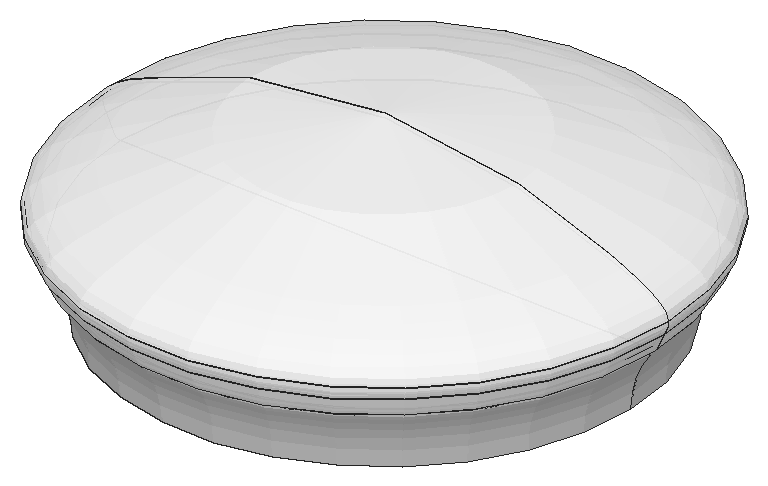
Revit family "0043406", category Lighting Devices, host Face, Revit 2023 (continued)
Definition of nested family "0043406_3000K_13.5W_lightsource"
  Parameters (values of type "START SURFACE IP54 MW 500-2000 830/840 lightsource")
    Description = ""
    Default Elevation = 1219.2 mm
    Cost = 0
    Color Filter = 16777215
    built-in parameter 1114216 [instance] = (empty or 0)
    built-in parameter 1114218 = 1 (stored number, unit not read)
    built-in parameter 1150133 = 10 (stored number, unit not read)
    Assembly Code = "D5020200"
    Apparent Load = 0 VA
  Reference planes
    plane 1 "Center (Front/Back)": y = 0
    plane 2: z = 0
    plane 3 "Center (Left/Right)": x = 0
  Forms (mm)
    Extrusion 1, solid
      sketch origin (4.2, 0, 0) x (1, 0, 0) y (0, 1, 0)
        loop
          line (-1219.2, 1219.2) -> (-1219.2, -1219.2) -> (1219.2, -1219.2) -> (1219.2, 1219.2) -> (-1219.2, 1219.2)
      from 0 to -68.017
  Dimensions and locks
    aligned and locked: plane 2 to Extrusion 1
    aligned and locked: level to Extrusion 1
Definition of nested family "0043406_3000K_17.5W_lightsource"
  Parameters (values of type "START SURFACE IP54 MW 500-2000 830/840 lightsource")
    Wattage Comments = "n/a"
    Wattage = 17.5 W
    built-in parameter 1150110 = 1 (stored number, unit not read)
    URL = "http://www.sylvania-lighting.com"
    Type Image = (empty or 0)
    Type Comments = "n/a"
    built-in parameter 1114217 = 1 (stored number, unit not read)
    Tilt Angle = -90.00°
    built-in parameter 1150109 = 1 (stored number, unit not read)
    built-in parameter 1150134 = (empty or 0)
    built-in parameter 1150113 = 1 (stored number, unit not read)
    Photometric Web File = "0043406_3000K_17.5W.IES"
    built-in parameter 1150142 = "IESNA:LM-63-2002\r\n[TEST] 20231108001M-01\r\n[TESTLAB] \r\n[TESTDATE] 8 Nov 2023\r\n[ISSUEDATE] 8 Nov 2023\r\n[MANUFAC] SYLVANIA\r\n[LUMCAT] 0043406\r\n[LUMINAIRE] START Surface IP44 Multip MW 2000lm 830 840-3000K 1µµ\r\n[FLASHAREA] 0.017100\r\n[LAMPCAT] LED\r\n[LAMP] LED\r\nTILT=NONE\r\n1 1870.00 1.0 181 3 1 2 -0.300 -0.300 0.000\r\n1.00 1.00 17.50\r\n0.00 1.00 2.00 3.00 4.00 5.00 6.00 7.00 8.00 9.00 10.00 \r\n11.00 12.00 13.00 14.00 15.00 16.00 17.00 18.00 19.00 \r\n20.00 21.00 22.00 23.00 24.00 25.00 26.00 27.00 28.00 \r\n29.00 30.00 31.00 32.00 33.00 34.00 35.00 36.00 37.00 \r\n38.00 39.00 40.00 41.00 42.00 43.00 44.00 45.00 46.00 \r\n47.00 48.00 49.00 50.00 51.00 52.00 53.00 54.00 55.00 \r\n56.00 57.00 58.00 59.00 60.00 61.00 62.00 63.00 64.00 \r\n65.00 66.00 67.00 68.00 69.00 70.00 71.00 72.00 73.00 \r\n74.00 75.00 76.00 77.00 78.00 79.00 80.00 81.00 82.00 \r\n83.00 84.00 85.00 86.00 87.00 88.00 89.00 90.00 91.00 \r\n92.00 93.00 94.00 95.00 96.00 97.00 98.00 99.00 100.00 \r\n101.00 102.00 103.00 104.00 105.00 106.00 107.00 108.00 \r\n109.00 110.00 111.00 112.00 113.00 114.00 115.00 116.00 \r\n117.00 118.00 119.00 120.00 121.00 122.00 123.00 124.00 \r\n125.00 126.00 127.00 128.00 129.00 130.00 131.00 132.00 \r\n133.00 134.00 135.00 136.00 137.00 138.00 139.00 140.00 \r\n141.00 142.00 143.00 144.00 145.00 146.00 147.00 148.00 \r\n149.00 150.00 151.00 152.00 153.00 154.00 155.00 156.00 \r\n157.00 158.00 159.00 160.00 161.00 162.00 163.00 164.00 \r\n165.00 166.00 167.00 168.00 169.00 170.00 171.00 172.00 \r\n173.00 174.00 175.00 176.00 177.00 178.00 179.00 180.00 \r\n0.00 45.00 90.00 \r\n500.04 500.04 499.85 499.66 499.29 498.54 497.79 497.05 \r\n495.92 494.80 493.31 491.81 490.13 488.26 486.39 484.33 \r\n481.90 479.66 477.04 474.23 471.43 468.44 465.26 461.89 \r\n458.52 454.78 451.04 447.12 443.19 439.08 434.59 430.10 \r\n425.43 420.94 415.89 411.03 405.98 400.74 395.50 390.08 \r\n384.47 378.86 373.06 367.27 361.28 355.30 349.13 342.96 \r\n336.60 330.06 323.51 316.97 310.23 303.50 296.77 289.66 \r\n282.74 275.82 268.72 261.61 254.51 247.40 240.30 233.19 \r\n226.08 218.98 212.06 204.95 198.22 191.30 184.61 177.95 \r\n171.46 165.16 158.78 152.61 146.55 140.62 134.86 129.12 \r\n123.66 118.31 113.17 108.05 103.19 98.44 93.89 89.54 \r\n85.29 81.21 77.27 73.45 69.86 66.52 63.30 60.31 57.35 \r\n54.66 52.10 49.72 47.54 45.46 43.50 41.74 40.15 38.73 \r\n37.40 36.24 35.17 34.18 33.29 32.50 31.75 31.08 30.44 \r\n29.83 29.25 28.69 28.16 27.64 27.13 26.65 26.14 25.66 \r\n25.15 24.65 24.16 23.64 23.13 22.59 22.08 21.58 21.11 \r\n20.68 20.27 19.86 19.43 18.94 18.52 18.07 17.62 17.19 \r\n16.76 16.19 15.59 15.00 14.32 13.67 13.05 12.48 11.94 \r\n11.59 11.39 11.34 11.61 11.77 11.87 11.95 11.90 11.81 \r\n11.90 12.07 12.23 12.22 12.12 11.70 10.78 9.29 7.40 5.54 \r\n4.73 4.52 4.73 5.11 5.38 5.49 6.56 7.50 8.33 8.69 8.87 \r\n500.04 500.04 499.85 499.66 499.29 498.73 497.98 497.05 \r\n496.11 494.99 493.68 492.18 490.50 488.63 486.76 484.70 \r\n482.27 480.03 477.41 474.79 471.80 468.81 465.63 462.45 \r\n458.90 455.35 451.61 447.68 443.75 439.45 435.34 430.85 \r\n426.36 421.69 416.64 411.77 406.73 401.49 396.25 390.83 \r\n385.41 379.80 374.19 368.20 362.22 356.24 350.06 343.89 \r\n337.54 331.18 324.63 318.09 311.36 304.62 297.70 290.79 \r\n283.87 276.76 269.84 262.74 255.63 248.34 241.42 234.31 \r\n227.02 219.91 212.99 206.07 199.16 192.24 185.52 178.90 \r\n172.40 165.93 159.59 153.38 147.36 141.48 135.74 130.08 \r\n124.54 119.25 113.98 109.02 104.14 99.54 94.88 90.53 \r\n86.26 82.22 78.43 74.63 71.08 67.62 64.40 61.39 58.47 \r\n55.73 53.11 50.66 48.36 46.34 44.38 42.58 40.90 39.36 \r\n37.98 36.76 35.70 34.74 33.87 33.14 32.46 31.92 31.43 \r\n31.04 30.72 30.42 30.13 29.68 29.23 28.70 28.14 27.51 \r\n26.80 26.01 25.25 24.53 23.84 23.15 22.50 21.79 21.00 \r\n20.01 18.94 17.87 16.80 15.76 14.77 13.78 12.86 12.00 \r\n11.28 10.64 10.06 9.48 8.87 8.40 8.04 8.05 8.21 8.38 8.63 \r\n9.02 9.39 9.77 10.29 10.49 10.37 10.05 9.74 9.20 8.69 \r\n8.30 7.77 7.33 6.31 6.00 5.68 5.37 5.07 4.76 4.44 4.83 \r\n5.05 5.17 5.72 6.41 7.82 9.21 9.50 \r\n500.04 500.04 499.85 499.66 499.29 498.54 497.79 497.05 \r\n495.92 494.80 493.49 492.00 490.31 488.44 486.57 484.52 \r\n482.09 479.84 477.22 474.61 471.61 468.62 465.44 462.08 \r\n458.71 455.16 451.42 447.49 443.56 439.45 435.15 430.66 \r\n425.99 421.31 416.45 411.59 406.54 401.30 396.07 390.46 \r\n385.03 379.42 373.81 368.02 362.03 356.05 349.88 343.52 \r\n337.16 330.62 324.26 317.53 310.98 304.25 297.33 290.41 \r\n283.49 276.39 269.47 262.36 255.07 247.96 240.86 233.75 \r\n226.64 219.54 212.43 205.51 198.59 191.86 185.00 178.38 \r\n171.85 165.42 159.19 152.97 146.93 140.98 135.22 129.52 \r\n124.06 118.78 113.60 108.53 103.64 98.96 94.40 90.04 \r\n85.81 81.79 77.83 74.00 70.54 67.21 64.05 61.02 58.03 \r\n55.26 52.75 50.38 48.17 46.10 44.11 42.36 40.77 39.31 \r\n38.00 36.80 35.77 34.78 33.85 33.17 32.59 32.07 31.62 \r\n31.19 30.87 30.52 30.18 29.90 29.62 29.36 29.06 28.84 \r\n28.59 28.39 28.16 27.96 27.75 27.56 27.30 26.95 26.46 \r\n25.88 25.23 24.50 23.64 22.78 21.88 20.94 20.03 19.15 \r\n18.40 17.79 17.27 16.76 16.24 15.75 15.28 14.85 14.33 \r\n13.86 13.37 12.81 12.17 11.56 10.92 10.31 9.68 8.80 8.15 \r\n7.46 6.47 5.42 4.52 3.81 3.92 4.76 5.60 5.88 5.40 4.18 \r\n3.95 3.95 3.96 4.09 5.19 6.18 7.78 9.67 10.16 \r\n"
    Model = "START SURFACE IP54 MW 500-2000 830/840 lightsource"
    Manufacturer = "Feilo Sylvania"
    built-in parameter 1150105 = 533.47 (stored number, unit not read)
    Lumens = 1995 lm
    built-in parameter 1150115 = 1 (stored number, unit not read)
    built-in parameter 1150137 = (empty or 0)
    built-in parameter 1150139 = (empty or 0)
    built-in parameter 1150112 = 1 (stored number, unit not read)
    built-in parameter 1150114 = 1 (stored number, unit not read)
    Lamp = "LED"
    Keynote = "16500"
    built-in parameter 1150132 = (empty or 0)
    built-in parameter 1150102 = 114
    built-in parameter 1150107 = 3000 (stored number, unit not read)
    built-in parameter 1150138 = (empty or 0)
    built-in parameter 1150106 = 5.3347 (stored number, unit not read)
    Emit from Circle Diameter = 300 mm  # constant formula
    Emit Shape Visible in Rendering = no
    built-in parameter 1150104 = 10.591 (stored number, unit not read)
    Dimming Lamp Color Temperature Shift = (empty or 0)
    Description = ""
    Default Elevation = 1219.2 mm
    Cost = 0
    Color Filter = 16777215
    built-in parameter 1114216 [instance] = (empty or 0)
    built-in parameter 1114218 = 1 (stored number, unit not read)
    built-in parameter 1150133 = 10 (stored number, unit not read)
    Assembly Code = "D5020200"
    Apparent Load = 0 VA
  Reference planes
    plane 1 "Center (Front/Back)": y = 0
    plane 2: z = 0
    plane 3 "Center (Left/Right)": x = 0
  Forms (mm)
    Extrusion 1, solid
      sketch origin (4.2, 0, 0) x (1, 0, 0) y (0, 1, 0)
        loop
          line (-1219.2, 1219.2) -> (-1219.2, -1219.2) -> (1219.2, -1219.2) -> (1219.2, 1219.2) -> (-1219.2, 1219.2)
      from 0 to -68.017
  Dimensions and locks
    aligned and locked: plane 2 to Extrusion 1
    aligned and locked: level to Extrusion 1
Definition of nested family "0043406_4000K_6W_lightsource"
  Parameters (values of type "START SURFACE IP54 MW 500-2000 830/840 lightsource")
    Wattage Comments = "n/a"
    Wattage = 6 W
    built-in parameter 1150110 = 1 (stored number, unit not read)
    URL = "http://www.sylvania-lighting.com"
    Type Image = (empty or 0)
    Type Comments = "n/a"
    built-in parameter 1114217 = 1 (stored number, unit not read)
    Tilt Angle = -90.00°
    built-in parameter 1150109 = 1 (stored number, unit not read)
    built-in parameter 1150134 = 12
    built-in parameter 1150113 = 1 (stored number, unit not read)
    Photometric Web File = "0043406_4000K_6W.IES"
    built-in parameter 1150142 = "IESNA:LM-63-2002\r\n[TEST] 20231108001M-01\r\n[TESTLAB] \r\n[TESTDATE] 8 Nov 2023\r\n[ISSUEDATE] 8 Nov 2023\r\n[MANUFAC] SYLVANIA\r\n[LUMCAT] 0043406\r\n[LUMINAIRE] START Surface IP44 Multip MW 2000lm 830 840-4000K 4µµ\r\n[FLASHAREA] 0.017100\r\n[LAMPCAT] LED\r\n[LAMP] LED\r\nTILT=NONE\r\n1 500.00 1.0 181 3 1 2 -0.300 -0.300 0.000\r\n1.00 1.00 6.00\r\n0.00 1.00 2.00 3.00 4.00 5.00 6.00 7.00 8.00 9.00 10.00 \r\n11.00 12.00 13.00 14.00 15.00 16.00 17.00 18.00 19.00 \r\n20.00 21.00 22.00 23.00 24.00 25.00 26.00 27.00 28.00 \r\n29.00 30.00 31.00 32.00 33.00 34.00 35.00 36.00 37.00 \r\n38.00 39.00 40.00 41.00 42.00 43.00 44.00 45.00 46.00 \r\n47.00 48.00 49.00 50.00 51.00 52.00 53.00 54.00 55.00 \r\n56.00 57.00 58.00 59.00 60.00 61.00 62.00 63.00 64.00 \r\n65.00 66.00 67.00 68.00 69.00 70.00 71.00 72.00 73.00 \r\n74.00 75.00 76.00 77.00 78.00 79.00 80.00 81.00 82.00 \r\n83.00 84.00 85.00 86.00 87.00 88.00 89.00 90.00 91.00 \r\n92.00 93.00 94.00 95.00 96.00 97.00 98.00 99.00 100.00 \r\n101.00 102.00 103.00 104.00 105.00 106.00 107.00 108.00 \r\n109.00 110.00 111.00 112.00 113.00 114.00 115.00 116.00 \r\n117.00 118.00 119.00 120.00 121.00 122.00 123.00 124.00 \r\n125.00 126.00 127.00 128.00 129.00 130.00 131.00 132.00 \r\n133.00 134.00 135.00 136.00 137.00 138.00 139.00 140.00 \r\n141.00 142.00 143.00 144.00 145.00 146.00 147.00 148.00 \r\n149.00 150.00 151.00 152.00 153.00 154.00 155.00 156.00 \r\n157.00 158.00 159.00 160.00 161.00 162.00 163.00 164.00 \r\n165.00 166.00 167.00 168.00 169.00 170.00 171.00 172.00 \r\n173.00 174.00 175.00 176.00 177.00 178.00 179.00 180.00 \r\n0.00 45.00 90.00 \r\n135.25 135.25 135.15 135.05 134.85 134.65 134.40 134.15 \r\n133.75 133.40 132.95 132.55 132.05 131.50 130.90 130.30 \r\n129.60 128.95 128.20 127.40 126.60 125.75 124.80 123.90 \r\n122.95 121.90 120.95 119.90 118.75 117.60 116.40 115.15 \r\n113.90 112.60 111.30 109.90 108.50 107.10 105.65 104.10 \r\n102.65 101.15 99.50 98.00 96.30 94.70 93.05 91.25 89.60 \r\n87.75 86.05 84.25 82.45 80.60 78.75 76.85 75.00 73.10 \r\n71.15 69.25 67.35 65.40 63.50 61.55 59.70 57.80 55.90 \r\n54.05 52.20 50.40 48.56 46.85 45.09 43.43 41.73 40.06 \r\n38.52 36.92 35.40 33.91 32.46 31.04 29.66 28.35 27.07 \r\n25.84 24.64 23.50 22.38 21.28 20.21 19.20 18.20 17.30 \r\n16.45 15.68 14.91 14.22 13.55 12.95 12.34 11.81 11.31 \r\n10.86 10.46 10.08 9.73 9.44 9.17 8.94 8.71 8.50 8.32 8.15 \r\n8.00 7.83 7.68 7.53 7.38 7.25 7.11 6.97 6.85 6.71 6.58 \r\n6.45 6.32 6.17 6.03 5.87 5.74 5.58 5.46 5.34 5.24 5.13 \r\n5.02 4.90 4.77 4.64 4.54 4.42 4.32 4.18 4.02 3.85 3.66 \r\n3.49 3.32 3.15 2.99 2.89 2.84 2.83 2.84 2.88 2.92 2.94 \r\n2.95 2.96 2.98 2.99 2.92 2.85 2.78 2.71 2.64 2.27 1.74 \r\n1.31 1.13 1.11 1.15 1.26 1.36 1.39 1.65 1.89 2.11 2.20 \r\n2.20 \r\n135.25 135.25 135.20 135.10 135.00 134.80 134.55 134.30 \r\n134.00 133.65 133.30 132.90 132.45 131.90 131.35 130.75 \r\n130.10 129.45 128.75 128.00 127.20 126.40 125.55 124.65 \r\n123.65 122.60 121.60 120.55 119.45 118.30 117.10 115.90 \r\n114.65 113.35 112.05 110.70 109.35 107.95 106.55 105.05 \r\n103.60 102.05 100.50 98.90 97.30 95.70 94.00 92.30 90.60 \r\n88.85 87.10 85.30 83.50 81.70 79.90 78.00 76.10 74.25 \r\n72.30 70.40 68.45 66.50 64.65 62.70 60.80 58.85 56.95 \r\n55.10 53.20 51.35 49.52 47.76 45.98 44.26 42.57 40.89 \r\n39.27 37.69 36.14 34.60 33.12 31.70 30.30 28.93 27.64 \r\n26.41 25.17 24.00 22.87 21.80 20.79 19.79 18.82 17.91 \r\n17.05 16.22 15.43 14.68 13.97 13.32 12.71 12.14 11.62 \r\n11.13 10.68 10.28 9.89 9.56 9.27 9.02 8.78 8.58 8.39 8.27 \r\n8.13 8.02 7.93 7.83 7.76 7.64 7.51 7.38 7.21 7.04 6.83 \r\n6.63 6.41 6.22 6.05 5.87 5.69 5.50 5.29 5.08 4.79 4.49 \r\n4.22 3.91 3.62 3.33 3.08 2.84 2.64 2.48 2.33 2.20 2.05 \r\n1.94 1.94 1.93 1.97 2.04 2.11 2.25 2.36 2.48 2.54 2.55 \r\n2.49 2.37 2.29 2.13 2.01 1.93 1.82 1.73 1.47 1.41 1.35 \r\n1.29 1.23 1.17 1.11 1.22 1.30 1.33 1.49 1.68 2.11 2.37 \r\n2.37 \r\n135.25 135.25 135.30 135.25 135.15 135.00 134.80 134.60 \r\n134.30 134.00 133.65 133.25 132.75 132.30 131.75 131.20 \r\n130.55 129.90 129.20 128.50 127.70 126.90 126.05 125.15 \r\n124.25 123.25 122.25 121.25 120.20 119.05 117.85 116.65 \r\n115.40 114.15 112.80 111.45 110.10 108.70 107.25 105.80 \r\n104.30 102.75 101.20 99.60 98.00 96.35 94.65 93.00 91.25 \r\n89.50 87.75 85.95 84.10 82.30 80.45 78.60 76.65 74.80 \r\n72.85 70.95 69.00 67.05 65.15 63.20 61.30 59.35 57.45 \r\n55.55 53.70 51.85 49.99 48.22 46.43 44.70 42.99 41.29 \r\n39.67 38.08 36.53 34.97 33.50 32.05 30.64 29.27 27.97 \r\n26.71 25.45 24.27 23.13 22.04 20.95 19.93 18.89 17.98 \r\n17.11 16.28 15.49 14.74 14.03 13.40 12.80 12.24 11.72 \r\n11.23 10.79 10.39 10.03 9.70 9.41 9.14 8.90 8.71 8.54 \r\n8.41 8.29 8.16 8.10 7.99 7.89 7.82 7.74 7.66 7.57 7.50 \r\n7.43 7.38 7.32 7.23 7.20 7.12 7.06 6.95 6.81 6.65 6.46 \r\n6.24 6.01 5.79 5.54 5.29 5.05 4.83 4.64 4.50 4.36 4.22 \r\n4.09 3.95 3.82 3.70 3.59 3.47 3.33 3.18 3.01 2.86 2.70 \r\n2.57 2.37 2.10 1.90 1.70 1.43 1.17 0.97 0.82 0.82 1.04 \r\n1.28 1.36 1.30 0.97 1.06 1.15 1.24 1.33 1.42 1.52 1.95 \r\n2.42 2.50 \r\n"
    Model = "START SURFACE IP54 MW 500-2000 830/840 lightsource"
    Manufacturer = "Feilo Sylvania"
    built-in parameter 1150105 = 185.09 (stored number, unit not read)
    Lumens = 684 lm
    built-in parameter 1150115 = 1 (stored number, unit not read)
    built-in parameter 1150137 = (empty or 0)
    built-in parameter 1150139 = (empty or 0)
    built-in parameter 1150112 = 1 (stored number, unit not read)
    built-in parameter 1150114 = 1 (stored number, unit not read)
    Lamp = "LED"
    Keynote = "16500"
    built-in parameter 1150132 = (empty or 0)
    built-in parameter 1150102 = 114
    built-in parameter 1150107 = 4000 (stored number, unit not read)
    built-in parameter 1150138 = (empty or 0)
    built-in parameter 1150106 = 1.8509 (stored number, unit not read)
    Emit from Circle Diameter = 300 mm  # constant formula
    Emit Shape Visible in Rendering = no
    built-in parameter 1150104 = 10.591 (stored number, unit not read)
    Dimming Lamp Color Temperature Shift = (empty or 0)
    Description = ""
    Default Elevation = 1219.2 mm
    Cost = 0
    Color Filter = 16777215
    built-in parameter 1114216 [instance] = (empty or 0)
    built-in parameter 1114218 = 1 (stored number, unit not read)
    built-in parameter 1150133 = 10 (stored number, unit not read)
    Assembly Code = "D5020200"
    Apparent Load = 0 VA
  Reference planes
    plane 1 "Center (Front/Back)": y = 0
    plane 2: z = 0
    plane 3 "Center (Left/Right)": x = 0
  Forms (mm)
    Extrusion 1, solid
      sketch origin (4.2, 0, 0) x (1, 0, 0) y (0, 1, 0)
        loop
          line (-1219.2, 1219.2) -> (-1219.2, -1219.2) -> (1219.2, -1219.2) -> (1219.2, 1219.2) -> (-1219.2, 1219.2)
      from 0 to -68.017
  Dimensions and locks
    aligned and locked: plane 2 to Extrusion 1
    aligned and locked: level to Extrusion 1
Definition of nested family "0043406_4000K_9.3W_lightsource"
  Parameters (values of type "START SURFACE IP54 MW 500-2000 830/840 lightsource")
    Wattage Comments = "n/a"
    Wattage = 9.3 W
    built-in parameter 1150110 = 1 (stored number, unit not read)
    URL = "http://www.sylvania-lighting.com"
    Type Image = (empty or 0)
    Type Comments = "n/a"
    built-in parameter 1114217 = 1 (stored number, unit not read)
    Tilt Angle = -90.00°
    built-in parameter 1150109 = 1 (stored number, unit not read)
    built-in parameter 1150134 = 12
    built-in parameter 1150113 = 1 (stored number, unit not read)
    Photometric Web File = "0043406_4000K_9.3W.IES"
    built-in parameter 1150142 = "IESNA:LM-63-2002\r\n[TEST] 20231108001M-01\r\n[TESTLAB] \r\n[TESTDATE] 8 Nov 2023\r\n[ISSUEDATE] 8 Nov 2023\r\n[MANUFAC] SYLVANIA\r\n[LUMCAT] 0043406\r\n[LUMINAIRE] START Surface IP44 Multip MW 2000lm 830 840-4000K 3µµ\r\n[FLASHAREA] 0.017100\r\n[LAMPCAT] LED\r\n[LAMP] LED\r\nTILT=NONE\r\n1 1000.00 1.0 181 3 1 2 -0.300 -0.300 0.000\r\n1.00 1.00 9.30\r\n0.00 1.00 2.00 3.00 4.00 5.00 6.00 7.00 8.00 9.00 10.00 \r\n11.00 12.00 13.00 14.00 15.00 16.00 17.00 18.00 19.00 \r\n20.00 21.00 22.00 23.00 24.00 25.00 26.00 27.00 28.00 \r\n29.00 30.00 31.00 32.00 33.00 34.00 35.00 36.00 37.00 \r\n38.00 39.00 40.00 41.00 42.00 43.00 44.00 45.00 46.00 \r\n47.00 48.00 49.00 50.00 51.00 52.00 53.00 54.00 55.00 \r\n56.00 57.00 58.00 59.00 60.00 61.00 62.00 63.00 64.00 \r\n65.00 66.00 67.00 68.00 69.00 70.00 71.00 72.00 73.00 \r\n74.00 75.00 76.00 77.00 78.00 79.00 80.00 81.00 82.00 \r\n83.00 84.00 85.00 86.00 87.00 88.00 89.00 90.00 91.00 \r\n92.00 93.00 94.00 95.00 96.00 97.00 98.00 99.00 100.00 \r\n101.00 102.00 103.00 104.00 105.00 106.00 107.00 108.00 \r\n109.00 110.00 111.00 112.00 113.00 114.00 115.00 116.00 \r\n117.00 118.00 119.00 120.00 121.00 122.00 123.00 124.00 \r\n125.00 126.00 127.00 128.00 129.00 130.00 131.00 132.00 \r\n133.00 134.00 135.00 136.00 137.00 138.00 139.00 140.00 \r\n141.00 142.00 143.00 144.00 145.00 146.00 147.00 148.00 \r\n149.00 150.00 151.00 152.00 153.00 154.00 155.00 156.00 \r\n157.00 158.00 159.00 160.00 161.00 162.00 163.00 164.00 \r\n165.00 166.00 167.00 168.00 169.00 170.00 171.00 172.00 \r\n173.00 174.00 175.00 176.00 177.00 178.00 179.00 180.00 \r\n0.00 45.00 90.00 \r\n268.80 268.80 268.70 268.50 268.20 267.90 267.40 266.90 \r\n266.30 265.60 264.80 263.90 263.00 262.00 261.00 259.80 \r\n258.50 257.20 255.80 254.30 252.70 251.00 249.30 247.50 \r\n245.60 243.60 241.60 239.50 237.30 235.00 232.60 230.20 \r\n227.70 225.20 222.50 219.80 217.00 214.30 211.40 208.40 \r\n205.50 202.40 199.30 196.20 192.90 189.70 186.40 183.00 \r\n179.50 176.00 172.50 168.90 165.30 161.70 157.90 154.30 \r\n150.40 146.70 142.80 139.10 135.20 131.40 127.50 123.70 \r\n119.90 116.10 112.40 108.70 105.00 101.40 97.76 94.26 \r\n90.80 87.39 83.98 80.73 77.54 74.32 71.29 68.22 65.27 \r\n62.40 59.70 56.97 54.42 51.98 49.59 47.25 45.06 42.81 \r\n40.72 38.67 36.81 35.00 33.35 31.75 30.26 28.81 27.49 \r\n26.26 25.08 24.01 22.98 22.00 21.18 20.42 19.73 19.12 \r\n18.60 18.12 17.68 17.28 16.90 16.55 16.22 15.91 15.59 \r\n15.32 15.03 14.78 14.51 14.24 13.99 13.73 13.47 13.21 \r\n12.93 12.65 12.37 12.07 11.81 11.53 11.26 11.05 10.84 \r\n10.60 10.37 10.13 9.89 9.65 9.40 9.17 8.94 8.65 8.34 7.99 \r\n7.65 7.27 6.93 6.61 6.32 6.13 6.01 5.99 6.09 6.13 6.17 \r\n6.21 6.25 6.29 6.33 6.37 6.43 6.43 6.44 6.19 5.67 4.83 \r\n3.72 2.82 2.41 2.33 2.41 2.59 2.71 2.77 3.31 3.84 4.33 \r\n4.52 4.59 \r\n268.80 268.80 268.70 268.60 268.30 268.00 267.60 267.20 \r\n266.60 265.90 265.20 264.40 263.50 262.40 261.40 260.20 \r\n259.00 257.70 256.30 254.90 253.30 251.80 250.00 248.30 \r\n246.40 244.40 242.40 240.30 238.10 235.80 233.50 231.20 \r\n228.60 226.20 223.50 220.90 218.20 215.40 212.50 209.60 \r\n206.60 203.50 200.40 197.30 194.10 190.90 187.50 184.20 \r\n180.70 177.40 173.80 170.30 166.60 163.10 159.40 155.60 \r\n151.90 148.10 144.30 140.50 136.60 132.80 129.00 125.20 \r\n121.30 117.40 113.70 110.00 106.30 102.60 98.91 95.36 \r\n91.85 88.38 85.03 81.68 78.45 75.31 72.28 69.28 66.31 \r\n63.49 60.67 58.00 55.38 52.90 50.43 48.12 45.86 43.69 \r\n41.69 39.69 37.80 35.97 34.24 32.60 31.01 29.53 28.15 \r\n26.84 25.62 24.59 23.56 22.63 21.71 20.92 20.19 19.54 \r\n18.95 18.42 17.96 17.58 17.22 16.94 16.68 16.47 16.31 \r\n16.17 15.99 15.79 15.53 15.26 14.97 14.62 14.25 13.84 \r\n13.44 13.04 12.68 12.31 11.94 11.57 11.17 10.71 10.14 \r\n9.56 8.98 8.44 7.87 7.32 6.81 6.33 5.93 5.58 5.27 4.94 \r\n4.61 4.37 4.22 4.23 4.31 4.39 4.53 4.73 4.95 5.15 5.43 \r\n5.47 5.40 5.24 5.08 4.80 4.51 4.32 4.01 3.75 3.22 2.54 \r\n2.49 2.44 2.39 2.34 2.29 2.47 2.56 2.64 2.90 3.28 4.07 \r\n4.86 4.95 \r\n268.80 268.80 268.80 268.70 268.50 268.20 267.80 267.30 \r\n266.70 266.10 265.30 264.60 263.70 262.70 261.70 260.60 \r\n259.40 258.10 256.70 255.20 253.60 252.00 250.30 248.60 \r\n246.70 244.80 242.80 240.70 238.60 236.30 234.00 231.60 \r\n229.10 226.60 223.90 221.30 218.50 215.80 212.90 210.00 \r\n207.00 204.00 200.90 197.80 194.70 191.40 188.10 184.70 \r\n181.30 177.80 174.30 170.80 167.10 163.50 159.80 156.10 \r\n152.30 148.50 144.70 140.90 137.10 133.20 129.30 125.60 \r\n121.70 117.90 114.00 110.30 106.60 103.00 99.30 95.69 \r\n92.26 88.79 85.43 82.08 78.85 75.60 72.51 69.44 66.50 \r\n63.63 60.87 58.18 55.55 53.06 50.61 48.24 46.00 43.80 \r\n41.71 39.63 37.73 35.94 34.22 32.61 31.05 29.63 28.24 \r\n26.96 25.76 24.65 23.62 22.60 21.71 20.94 20.23 19.58 \r\n19.02 18.54 18.06 17.69 17.36 17.08 16.84 16.62 16.46 \r\n16.27 16.07 15.93 15.79 15.65 15.49 15.36 15.23 15.13 \r\n15.00 14.89 14.79 14.69 14.55 14.37 14.10 13.83 13.47 \r\n13.06 12.61 12.15 11.66 11.18 10.68 10.22 9.81 9.46 9.18 \r\n8.92 8.65 8.39 8.12 7.89 7.62 7.38 7.11 6.82 6.47 6.13 \r\n5.80 5.45 5.13 4.64 4.28 3.90 3.39 2.83 2.33 1.96 1.94 \r\n2.40 2.84 3.00 2.80 2.16 2.25 2.34 2.44 2.53 2.63 3.17 \r\n4.01 5.05 5.33 \r\n"
    Model = "START SURFACE IP54 MW 500-2000 830/840 lightsource"
    Manufacturer = "Feilo Sylvania"
    built-in parameter 1150105 = 284.98 (stored number, unit not read)
    Lumens = 1060.2 lm
    built-in parameter 1150115 = 1 (stored number, unit not read)
    built-in parameter 1150137 = (empty or 0)
    built-in parameter 1150139 = (empty or 0)
    built-in parameter 1150112 = 1 (stored number, unit not read)
    built-in parameter 1150114 = 1 (stored number, unit not read)
    Lamp = "LED"
    Keynote = "16500"
    built-in parameter 1150132 = (empty or 0)
    built-in parameter 1150102 = 114
    built-in parameter 1150107 = 4000 (stored number, unit not read)
    built-in parameter 1150138 = (empty or 0)
    built-in parameter 1150106 = 2.8498 (stored number, unit not read)
    Emit from Circle Diameter = 300 mm  # constant formula
    Emit Shape Visible in Rendering = no
    built-in parameter 1150104 = 10.591 (stored number, unit not read)
    Dimming Lamp Color Temperature Shift = (empty or 0)
    Description = ""
    Default Elevation = 1219.2 mm
    Cost = 0
    Color Filter = 16777215
    built-in parameter 1114216 [instance] = (empty or 0)
    built-in parameter 1114218 = 1 (stored number, unit not read)
    built-in parameter 1150133 = 10 (stored number, unit not read)
    Assembly Code = "D5020200"
    Apparent Load = 0 VA
  Reference planes
    plane 1 "Center (Front/Back)": y = 0
    plane 2: z = 0
    plane 3 "Center (Left/Right)": x = 0
  Forms (mm)
    Extrusion 1, solid
      sketch origin (4.2, 0, 0) x (1, 0, 0) y (0, 1, 0)
        loop
          line (-1219.2, 1219.2) -> (-1219.2, -1219.2) -> (1219.2, -1219.2) -> (1219.2, 1219.2) -> (-1219.2, 1219.2)
      from 0 to -68.017
  Dimensions and locks
    aligned and locked: plane 2 to Extrusion 1
    aligned and locked: level to Extrusion 1
Definition of nested family "0043406_4000K_13.5W_lightsource"
  Parameters (values of type "START SURFACE IP54 MW 500-2000 830/840 lightsource")
    Wattage Comments = "n/a"
    Wattage = 13.5 W
    built-in parameter 1150110 = 1 (stored number, unit not read)
    URL = "http://www.sylvania-lighting.com"
    Type Image = (empty or 0)
    Type Comments = "n/a"
    built-in parameter 1114217 = 1 (stored number, unit not read)
    Tilt Angle = -90.00°
    built-in parameter 1150109 = 1 (stored number, unit not read)
    built-in parameter 1150134 = 12
    built-in parameter 1150113 = 1 (stored number, unit not read)
    Photometric Web File = "0043406_4000K_13.5W.IES"
